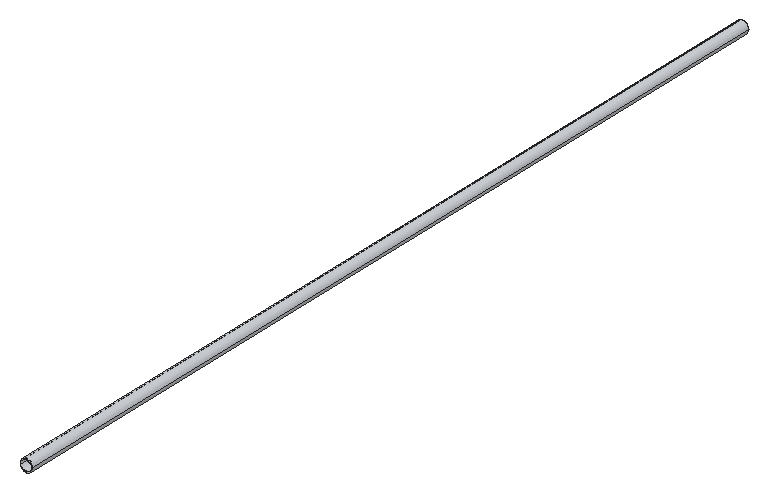
Revit family "GC5", category Generic Models, Revit 2017
Family settings
  Can host rebar = No
  Round Connector Dimension = Use Diameter
  Part Type = Normal
  Work Plane-Based = Yes
  Always vertical = No
  Cut with Voids When Loaded = No
  Shared = No
  Room Calculation Point = No
Parameters (values of type "NBS Standard Parameters")
  Weight = "8.88Kg"
  WarrantyStartDate [instance] = "1900-12-31T23:59:59"
  WarrantyGuarantorParts = "n/a"
  WarrantyGuarantorLabor = "n/a"
  WarrantyDurationUnit = "1 year"
  WarrantyDurationParts = "n/a"
  WarrantyDurationLabor = "n/a"
  WarrantyDescription = "n/a"
  Version = "1"
  Uniclass2 = "Pr_65_70_11_71"
  TagNumber [instance] = "n/a"
  SustainabilityPerformance = "n/a"
  Size = "2\""
  Shape = "Circular"
  SerialNumber [instance] = "n/a"
  Revision = "n/a"
  ReplacementCost = "n/a"
  ProductInformation = "www.metpro.co.uk/pdf/gc5.pdf"
  NominalWidth = 50 mm
  NominalLength = 3750 mm
  NominalHeight = 50 mm
  Name = ""
  NBSTypeID = ""
  NBSReference = "90-55-10/380"
  NBSOfficeMasterTag = ""
  NBSNote = ""
  NBSDescription = "Rigid Conduit"
  NBSCertification = ""
  ModelReference = "GC5"
  ModelNumber = "n/a"
  Material = "Steel"
  ManufacturerURL = "www.metpro.co.uk"
  ManufacturerName = "Metpro Ltd"
  Keynote = "Conforms to BS 31"
  InstallationDate [instance] = "1900-12-31T23:59:59"
  IfcExportType = ""
  IfcExportAs = ""
  Grade = "n/a"
  Finish = "Hot dipped Galvanised Class 4"
  Features = "n/a"
  ExpectedLife = "n/a"
  DurationUnit = "year"
  Description = "GC5 - 2\" Conduit 3.75 mtr Length"
  Default Elevation = 1219.2 mm
  Constituents = "n/a"
  Color = "n/a"
  CodePerformance = "n/a"
  Category = "n/a"
  BarCode [instance] = "n/a"
  BIMObjectName = "Metpro_metprolibrary_rigidconduit_metal_class4"
  Author = "Metpro Limited"
  AssetType = ""
  AssetIdentifier [instance] = "n/a"
  AccessibilityPerformance = "n/a"
Reference planes
  plane 1 "Center (Front/Back)": y = 0
  plane 2: z = 0
  plane 3 "Center (Left/Right)": x = 0
Forms (mm)
  Extrusion 1, solid
    sketch origin (-21.429, 1847.048, 466.856) x (-1, 0, 0) y (0, 0, -1)
      loop
        circle (33.495, -15) r 25.4
      loop
        circle (33.495, -15) r 23
    from 0 to 3750
Dimensions and locks
  aligned and locked: level to plane 2
